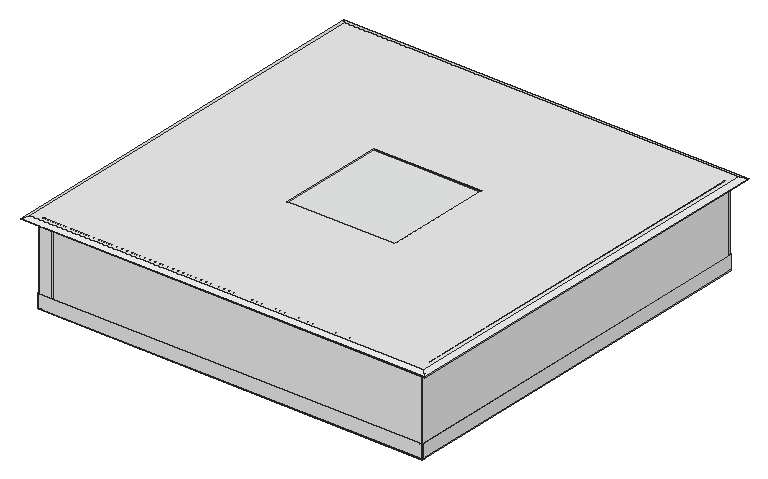
Revit family "Access_Door-Cabinet-Best Access Doors-Box-BA-VBW", category Specialty Equipment, host Face, Revit 2017
Family settings
  Host = Face
  Round Connector Dimension = Use Diameter
  Part Type = Normal
  OmniClass Number = 23.30.10.27.17
  Cut with Voids When Loaded = No
  Shared = No
  Room Calculation Point = No
Parameters (values of type "Custom")
  Window Width = 8"
  Window Height = 8"
  Product data url = "https://bimobject.com/best-access-doors/product/valve-box-with-window"
  Door Width = 30"
  URL = "http://www.bestaccessdoors.com"
  Product Page URL = ""
  Product Documentation Link = ""
  Model = "BA-VBW"  # constant formula
  Max Area = 900.00 in²  # constant formula
  Material = ""
  Manufacturer = "Best Access Doors"  # constant formula
  Door Height = 30"
  Glass = Glass - Best Access Doors - Plexiglass
  Frame Width = Width Calc - 7/8"  # 29 1/8"
  Frame Height = Height Calc - 7/8"  # 29 1/8"
  Frame Depth = if([4in Frame Depth], 4", 6")  # 6"
  Finish = Metal - Best Access Doors - Powder Coated White
  Width Calc = if(Door Width < 8 1/4", 8 1/4", if(Door Width > Max Area / Height Calc, Max Area / Height Calc, Door Width))  # 30"
  Door Swing [instance] = if(Door Open, 90.00°, 0.00°)  # 0.00°
  Door Open [instance] = no
  Height Calc = if(Door Height < 4", 4", Door Height)  # 30"
  Description = "Cabinets and Valve Boxes "  # constant formula
  Default Elevation = 0"
  Cut Out Length [instance] = 8"
  Construction Material = Metal - Best Access Doors - Aluminum
  C Cut Out Length [instance] = if(Cut Out Length < Frame Depth, Frame Depth, Cut Out Length)  # 8"
  Available Options = ""
  Assembly Code = "C1020700"
  Area = (Door Width * Door Height)  # 900.00 in²
  6in Frame Depth = yes
  4in Frame Depth = not([6in Frame Depth])  # no
Types (4): name | Window Width | Window Height | Door Width | Door Height | Frame Width | Frame Height | Width Calc | Height Calc | Cut Out Length | C Cut Out Length | Area
  Custom | 8" | 8" | 30" | 30" | 29 1/8" | 29 1/8" | 30" | 30" | 8" | 8" | 900.00 in²
  8 1/4 x 8 1/4 | 3" | 3" | 8 1/4" | 8 1/4" | 7 3/8" | 7 3/8" | 8 1/4" | 8 1/4" | 0" | 6" | 68.0625 in²
  12 x 12 | 5" | 5" | 12" | 12" | 11 1/8" | 11 1/8" | 12" | 12" | 0" | 6" | 144.00 in²
  16 x 16 | 8" | 8" | 16" | 16" | 15 1/8" | 15 1/8" | 16" | 16" | 6" | 6" | 256.00 in²
Reference planes (in)
  plane 1 "Center (Front/Back)": y = 0
  plane 2: z = 0
  plane 3 "Center (Left/Right)": x = 9
  plane 4 "Left": x = -6
  plane 5 "Right": x = 24
  plane 6 "Back": y = 15
  plane 7 "Front": y = -15
  plane 8 "Bottom": z = -8
  plane 9: x = -5.25751
  plane 10: y = -14.35271
  plane 11: y = 14.35271
  plane 12: x = 23.32082
  plane 13 "Top": z = 0.21736
  plane 14: z = -6
  plane 15: x = -5.5625
Forms (in)
  Extrusion 1, void
    sketch origin (0, 0, 0) x (1, 0, 0) y (0, 1, 0)
      loop
        line (-5.25751, 14.35271) -> (-5.25751, -14.35271) -> (23.32082, -14.35271) -> (23.32082, 14.35271) -> (-5.25751, 14.35271)
    from -8 to 0
Lines and regions (in)
  reference lines
    curve 1: line (-6, 0, 0) -> (3.25, 0, 0)
    curve 2: line (-6, 0, 0) -> (-6, 0, -2.25)
Dimensions and locks (in)
  "C Cut Out Length": plane 2 to plane 8 "Bottom"
  "Frame Depth": plane 2 to plane 14
  equal spacing: plane 4 "Left", plane 3 "Center (Left/Right)", plane 5 "Right"
  "Width Calc": plane 4 "Left" to plane 5 "Right"
  equal spacing: plane 6 "Back", plane 1 "Center (Front/Back)", plane 7 "Front"
  "Height Calc": plane 6 "Back" to plane 7 "Front"
  locked: plane 4 "Left" to plane 15 at 0.4375
  locked: plane 5 "Right" to plane 12 at 0.67918
  locked: plane 6 "Back" to plane 11 at 0.64729
  locked: plane 10 to plane 7 "Front" at 0.64729
  "Door Swing": angle plane 2 to curve 1
  locked: curve 2 to curve 1 (angle 90.00°)
  aligned and locked: plane 2 to host face
  aligned and locked: level to host face
  aligned and locked: level to Extrusion 1
  aligned and locked: plane 8 "Bottom" to Extrusion 1
  aligned and locked: Extrusion 1 sketch curve to plane 12
  aligned and locked: Extrusion 1 sketch curve to plane 11
  aligned and locked: plane 9 to Extrusion 1 sketch curve
  aligned and locked: Extrusion 1 sketch curve to plane 10
  aligned and locked: nested 2 to curve 1
  aligned and locked: plane 1 "Center (Front/Back)" to nested 2
  aligned and locked: nested 2 to curve 2
  aligned and locked: nested 1 to plane 15
  aligned and locked: plane 9 to nested 1
Automatic sketch dimensions
  host sketch curve to host sketch curve = 96"  (x2)
  curve 2 to plane 4 "Left" = 0"
  curve 2 to level = 0"
Nested families (in)
  nested 1: "1-Frame_Base" at (24.9375, 3.01001, 0), type "1-Frame_Base"
    with Frame Width 29 1/8", Frame Height 29 1/8", Frame Depth 6"
  nested 2: "1-Door_Base" at (6, 0, -0.00006), type "1-Door_Base"
Definition of nested family "1-Frame_Base"
  Parameters
    Frame Width = 15 1/8"
    Frame Height = 15 1/8"
    Frame Depth = 4"
    Finish = none
    Assembly Code = ""
  Reference planes (in)
    plane 1 "Center (Front/Back)": y = -3.01001
    plane 2 "Wall": z = 0
    plane 3 "Center (Left/Right)": x = -22.9375
    plane 4 "Left": x = -30.5
    plane 5 "Right": x = -15.375
    plane 6 "Top": y = 4.55249
    plane 7 "Bottom": y = -10.57251
    plane 8 "Front": z = 0.06201
    plane 9: z = -2.9387
    plane 10: z = -3.90669
    plane 11: z = -4
    plane 12: z = -3.93681
    plane 13: x = -30.10492
    plane 14: x = -30.19501
    plane 15: x = -30.133
    plane 16: z = -2.9387
    plane 17: z = -3.90669
    plane 18: z = -4
    plane 19: z = -3.93681
    plane 20: x = -15.70677
    plane 21: x = -15.61668
    plane 22: x = -15.67869
    plane 23: x = -30.10492
    plane 24: y = -10.27263
    plane 25: y = 4.2526
    plane 26: z = -2.9387
    plane 27: z = -3.90669
    plane 28: z = -4
    plane 29: z = -3.93681
    plane 30: y = 4.3427
    plane 31: y = 4.28069
    plane 32: z = -2.9387
    plane 33: z = -3.90669
    plane 34: z = -4
    plane 35: z = -3.93681
    plane 36: y = -10.36273
    plane 37: y = -10.30072
    plane 38: x = -15.70677
    plane 39: x = -16.69153
    plane 40: x = -15.8067
    plane 41: x = -15.742
    plane 42: x = -30.06784
    plane 43: y = -10.23379
    plane 44: y = -10.17159
    plane 45: y = 4.21603
    plane 46: y = 4.27757
    plane 47: x = -29.183
    plane 48: x = -30.06784
    plane 49: x = -30.133
    plane 50: x = -15.8067
    plane 51: y = -10.29895
    plane 52: y = -10.23379
    plane 53: y = 4.15449
    plane 54: y = 4.21603
    plane 55: z = -4
    plane 56: z = -3.93683
  Forms (in)
    Extrusion 1, solid, material <- "Finish"
      sketch origin (0, 0, 0) x (1, 0, 0) y (0, 1, 0)
        loop
          line (-30.5, 4.30249) -> (-30.5, -10.32251)
          arc (-30.5, -10.32251) -> (-30.42678, -10.49929) -> (-30.24999, -10.57251) r 0.25001
          line (-30.24999, -10.57251) -> (-15.625, -10.57251)
          arc (-15.625, -10.57251) -> (-15.44822, -10.49929) -> (-15.375, -10.32251) r 0.25
          line (-15.375, -10.32251) -> (-15.375, 4.30249)
          arc (-15.375, 4.30249) -> (-15.44822, 4.47926) -> (-15.625, 4.55249) r 0.25
          line (-15.625, 4.55249) -> (-30.25, 4.55249)
          arc (-30.25, 4.55249) -> (-30.42678, 4.47926) -> (-30.5, 4.30249) r 0.25
        loop
          line (-30.0122, 4.06164) -> (-30.0122, -10.08167) -> (-15.8628, -10.08167) -> (-15.8628, 4.06164) -> (-30.0122, 4.06164)
      from 0 to 0.06201
    Sweep 2, solid, material <- "Finish"
      path in 3D
        loop
          line (-30.0122, 4.06164, 0.06201) -> (-15.8628, 4.06164, 0.06201) -> (-15.8628, -10.08167, 0.06201) -> (-30.0122, -10.08167, 0.06201) -> (-30.0122, 4.06164, 0.06201)
      profile origin (-30.0122, -3.01001, 0.06201) x (-1, 0, 0) y (0, 0, 1)
        loop
          arc (0, 0) -> (-0.06258, -0.02874) -> (-0.09118, -0.09138) r 0.09878
          line (-0.09118, -0.09138) -> (-0.09118, -1.522) -> (-0.02721, -1.522) -> (-0.02721, -0.08861)
          arc (-0.02721, -0.08861) -> (-0.0192, -0.06958) -> (0, -0.06201) r 0.0266
          line (0, -0.06201) -> (0, 0)
    Extrusion 3, solid, material <- "Finish"
      sketch origin (0, -3.01001, 0) x (1, 0, 0) y (0, 0, 1)
        loop
          arc (-30.19501, -3.90669) -> (-30.16881, -3.97154) -> (-30.10492, -4) r 0.09337
          line (-30.10492, -4) -> (-30.10492, -3.93681)
          arc (-30.10492, -3.93681) -> (-30.12489, -3.92728) -> (-30.133, -3.90669) r 0.03019
          line (-30.133, -3.90669) -> (-30.133, -2.9387) -> (-30.19501, -2.9387) -> (-30.19501, -3.90669)
      from -7.26262 to 7.26262
    Extrusion 4, solid, material <- "Finish"
      sketch origin (-48.14013, -3.01001, 0) x (-1, 0, 0) y (0, 0, -1)
        loop
          line (-32.52345, 3.90669) -> (-32.52345, 2.9387) -> (-32.46145, 2.9387) -> (-32.46145, 3.90669)
          arc (-32.46145, 3.90669) -> (-32.45333, 3.92728) -> (-32.43336, 3.93681) r 0.03019
          line (-32.43336, 3.93681) -> (-32.43336, 4)
          arc (-32.43336, 4) -> (-32.49725, 3.97154) -> (-32.52345, 3.90669) r 0.09337
      from -7.26262 to 7.26262
    Extrusion 5, solid, material <- "Finish"
      sketch origin (0, 0, 0) x (1, 0, 0) y (0, 1, 0)
        loop
          line (-30.10492, 4.2526) -> (-30.10492, -10.27263) -> (-15.70677, -10.27263) -> (-15.70677, 4.2526) -> (-30.10492, 4.2526)
      from -4 to -3.93683
    Extrusion 6, solid, material <- "Finish"
      sketch origin (-65.52893, -27.01654, 0) x (0, -1, 0) y (0, 0, 1)
        loop
          arc (-31.35923, -3.90669) -> (-31.33304, -3.97154) -> (-31.26914, -4) r 0.09337
          line (-31.26914, -4) -> (-31.26914, -3.93681)
          arc (-31.26914, -3.93681) -> (-31.28912, -3.92728) -> (-31.29723, -3.90669) r 0.03019
          line (-31.29723, -3.90669) -> (-31.29723, -2.9387) -> (-31.35923, -2.9387) -> (-31.35923, -3.90669)
      from -49.82216 to -35.42401
    Extrusion 7, solid, material <- "Finish"
      sketch origin (-65.52893, 20.99651, 0) x (0, 1, 0) y (0, 0, -1)
        loop
          line (-31.35923, 3.90669) -> (-31.35923, 2.9387) -> (-31.29723, 2.9387) -> (-31.29723, 3.90669)
          arc (-31.29723, 3.90669) -> (-31.28912, 3.92728) -> (-31.26914, 3.93681) r 0.03019
          line (-31.26914, 3.93681) -> (-31.26914, 4)
          arc (-31.26914, 4) -> (-31.33304, 3.97154) -> (-31.35923, 3.90669) r 0.09337
      from -49.82216 to -35.42401
    Extrusion 8, solid, material <- "Finish"
      sketch origin (0, 0, 0) x (1, 0, 0) y (0, 1, 0)
        loop
          line (-30.06784, 4.15449) -> (-15.8067, 4.15449) -> (-15.8067, 4.21603) -> (-30.06784, 4.21603)
          arc (-30.06784, 4.21603) -> (-30.11265, 4.19821) -> (-30.133, 4.15449) r 0.06527
          line (-30.133, 4.15449) -> (-30.133, -10.23379)
          arc (-30.133, -10.23379) -> (-30.11392, -10.27987) -> (-30.06784, -10.29895) r 0.06516
          line (-30.06784, -10.29895) -> (-29.183, -10.29895) -> (-29.183, -10.23379) -> (-30.06784, -10.23379) -> (-30.06784, 4.15449)
      from -3.93683 to 0
    Extrusion 9, solid, material <- "Finish"
      sketch origin (-48.20344, 0, 0) x (-1, 0, 0) y (0, -1, 0)
        loop
          line (-32.39675, -4.21603) -> (-32.39675, 10.17159) -> (-18.1356, 10.17159) -> (-18.1356, 10.23379) -> (-32.39675, 10.23379)
          arc (-32.39675, 10.23379) -> (-32.44234, 10.21646) -> (-32.46145, 10.17159) r 0.06225
          line (-32.46145, 10.17159) -> (-32.46145, -4.21603)
          arc (-32.46145, -4.21603) -> (-32.4423, -4.26067) -> (-32.39675, -4.27757) r 0.06162
          line (-32.39675, -4.27757) -> (-31.51191, -4.27757) -> (-31.51191, -4.21603) -> (-32.39675, -4.21603)
      from -3.93683 to 0
  Lines and regions (in)
    Masking region 1, detail levels coarse
      outline origin (0, 0, 0) x (1, 0, 0) y (0, 1, 0)
        loop
          line (-30.5, 4.55249) -> (-30.5, -10.57251) -> (-15.375, -10.57251) -> (-15.375, 4.55249) -> (-30.5, 4.55249)
    Masking region 2, detail levels medium+fine
      outline origin (0, 0, 0) x (1, 0, 0) y (0, 1, 0)
        loop
          arc (-30.25, 4.55249) -> (-30.42678, 4.47926) -> (-30.5, 4.30249) r 0.25
          line (-30.5, 4.30249) -> (-30.5, -10.32251)
          arc (-30.5, -10.32251) -> (-30.42678, -10.49929) -> (-30.24999, -10.57251) r 0.25001
          line (-30.24999, -10.57251) -> (-15.625, -10.57251)
          arc (-15.625, -10.57251) -> (-15.44822, -10.49929) -> (-15.375, -10.32251) r 0.25
          line (-15.375, -10.32251) -> (-15.375, 4.30249)
          arc (-15.375, 4.30249) -> (-15.44822, 4.47926) -> (-15.625, 4.55249) r 0.25
          line (-15.625, 4.55249) -> (-30.25, 4.55249)
    Masking region 3, detail levels coarse
      outline origin (0, -3.01001, 0) x (1, 0, 0) y (0, 0, 1)
        loop
          line (-30.5, 0.06201) -> (-30.5, -4) -> (-15.375, -4) -> (-15.375, 0.06201) -> (-30.5, 0.06201)
    Masking region 4
      outline origin (0, -3.01001, 0) x (1, 0, 0) y (0, 0, 1)
        loop
          line (-30.5, 0) -> (-30.133, 0) -> (-30.133, -2.9387) -> (-30.19501, -2.9387) -> (-30.19501, -3.90669)
          arc (-30.19501, -3.90669) -> (-30.16881, -3.97154) -> (-30.10492, -4) r 0.09337
          line (-30.10492, -4) -> (-15.70677, -4)
          arc (-15.70677, -4) -> (-15.64288, -3.97154) -> (-15.61668, -3.90669) r 0.09337
          line (-15.61668, -3.90669) -> (-15.61668, -2.9387) -> (-15.67869, -2.9387) -> (-15.67869, -3.90669)
          arc (-15.67869, -3.90669) -> (-15.6868, -3.92728) -> (-15.70677, -3.93681) r 0.03019
          line (-15.70677, -3.93681) -> (-15.70677, -2.9387) -> (-15.742, -2.9387) -> (-15.742, 0) -> (-15.375, 0) -> (-15.375, 0.06201) -> (-30.5, 0.06201) -> (-30.5, 0)
    Masking region 5, detail levels coarse
      outline origin (-22.9375, 0, 0) x (0, 1, 0) y (0, 0, 1)
        loop
          line (4.55249, 0.06201) -> (-10.57251, 0.06201) -> (-10.57251, -6.06131) -> (4.55249, -6.06131) -> (4.55249, 0.06201)
    Masking region 6, detail levels medium+fine
      outline origin (-22.9375, 0, 0) x (0, 1, 0) y (0, 0, 1)
        loop
          line (4.55249, 0.06201) -> (-10.57251, 0.06201) -> (-10.57251, 0) -> (-10.29895, 0) -> (-10.29895, -2.9387) -> (-10.36273, -2.9387) -> (-10.36273, -3.90669)
          arc (-10.36273, -3.90669) -> (-10.33653, -3.97154) -> (-10.27263, -4) r 0.09337
          line (-10.27263, -4) -> (4.2526, -4)
          arc (4.2526, -4) -> (4.3165, -3.97154) -> (4.3427, -3.90669) r 0.09337
          line (4.3427, -3.90669) -> (4.3427, -2.9387) -> (4.27757, -2.9387) -> (4.27757, 0) -> (4.55249, 0) -> (4.55249, 0.06201)
    sketch lines
      curve 1: line (-30.0122, -10.08167, 0.06201) -> (-30.0122, 4.06164, 0.06201)
      curve 2: line (-30.0122, 4.06164, 0.06201) -> (-15.8628, 4.06164, 0.06201)
      curve 3: line (-15.8628, 4.06164, 0.06201) -> (-15.8628, -10.08167, 0.06201)
      curve 4: line (-15.8628, -10.08167, 0.06201) -> (-30.0122, -10.08167, 0.06201)
    symbolic lines, detail levels medium+fine
      curve 5: line (-29.92102, -9.99049, 0) -> (-29.92102, 3.97047, 0)
      curve 6: line (-29.92102, 3.97047, 0) -> (-15.95398, 3.97047, 0)
      curve 7: line (-15.95398, 3.97047, 0) -> (-15.95398, -9.99049, 0)
      curve 8: line (-15.95398, -9.99049, 0) -> (-29.92102, -9.99049, 0)
    symbolic lines, detail levels fine
      curve 9: line (-15.8628, 4.06164, 0) -> (-30.0122, 4.06164, 0)
      curve 10: line (-30.0122, 4.06164, 0) -> (-30.0122, -10.08168, 0)
      curve 11: line (-30.0122, -10.08167, 0) -> (-15.8628, -10.08167, 0)
      curve 12: line (-15.8628, -10.08167, 0) -> (-15.8628, 4.06164, 0)
      curve 13: line (-30.0122, 4.06164, 0) -> (-29.92102, 3.97047, 0)
      curve 14: line (-15.95398, 3.97047, 0) -> (-15.8628, 4.06164, 0)
      curve 15: line (-15.95398, -9.99049, 0) -> (-15.8628, -10.08167, 0)
      curve 16: line (-29.92102, -9.99049, 0) -> (-30.0122, -10.08167, 0)
      curve 17: line (-30.133, -3.01001, -3.90669) -> (-30.133, -3.01001, -2.9387)
      curve 18: arc (-30.10456, -3.01001, -3.93683) -> (-30.12477, -3.01001, -3.92741) -> (-30.133, -3.01001, -3.90669) r 0.03019
      curve 19: line (-30.10456, -3.01001, -3.93683) -> (-15.70677, -3.01001, -3.93683)
      curve 20: line (-30.06784, -3.01001, 0) -> (-30.06784, -3.01001, -2.9387)
      curve 21: line (-30.10492, -3.01001, -2.9387) -> (-30.10492, -3.01001, -4)
      curve 22: line (-15.70677, -3.01001, -2.9387) -> (-30.10492, -3.01001, -2.9387)
      curve 23: line (-15.8067, -3.01001, 0) -> (-15.8067, -3.01001, -2.9387)
      curve 24: line (-15.70677, -3.01001, -3.93683) -> (-15.70677, -3.01001, -4)
      curve 25: line (-30.5, -3.01001, 0) -> (-15.375, -3.01001, 0)
      curve 26: line (-29.183, -3.01001, -2.9387) -> (-29.183, -3.01001, 0)
      curve 27: line (-22.9375, 4.2526, -5.00001) -> (-22.9375, -10.27263, -5.00001)
      curve 28: line (-22.9375, 4.2526, -6.06131) -> (-22.9375, 4.2526, -5.00001)
      curve 29: line (-22.9375, 4.15449, 0) -> (-22.9375, 4.15449, -5.00001)
      curve 30: line (-22.9375, 4.21603, 0) -> (-22.9375, 4.21603, -5.00001)
      curve 31: line (-22.9375, 4.28069, -5.00001) -> (-22.9375, 4.28069, -5.968)
      curve 32: arc (-22.9375, 4.2526, -5.99812) -> (-22.9375, 4.27258, -5.98859) -> (-22.9375, 4.28069, -5.968) r 0.03019
      curve 33: line (-22.9375, -10.57251, 0) -> (-22.9375, 4.55249, 0)
      curve 34: arc (-22.9375, -10.30072, -3.90669) -> (-22.9375, -10.29261, -3.92728) -> (-22.9375, -10.27263, -3.93681) r 0.03019
      curve 35: line (-22.9375, -10.30072, -3.90669) -> (-22.9375, -10.30072, -5.00001)
      curve 36: line (-22.9375, -10.27263, -5.00001) -> (-22.9375, -10.27263, -4)
  Dimensions and locks (in)
    equal spacing: plane 6 "Top", plane 1 "Center (Front/Back)", plane 7 "Bottom"
    equal spacing: plane 4 "Left", plane 3 "Center (Left/Right)", plane 5 "Right"
    "Frame Width": plane 4 "Left" to plane 5 "Right"
    "Frame Height": plane 6 "Top" to plane 7 "Bottom"
    plane 4 "Left" to plane 14 to plane 15 to plane 13 = 0.30499" locked, 0.06201" locked, 0.02809" locked
    plane 9 to plane 10 to plane 12 to plane 11 to plane 55 = 0.96799" locked, 0.03012" locked, 0.06319" locked, 0" locked
    plane 5 "Right" to plane 21 to plane 22 to plane 20 = 0.24168" locked, 0.06201" locked, 0.02809" locked
    plane 16 to plane 17 to plane 19 to plane 18 to plane 55 = 0.96799" locked, 0.03012" locked, 0.06319" locked, 0" locked
    locked: plane 4 "Left" to plane 23 at 0.39508
    locked: plane 38 to plane 5 "Right" at 0.33177
    locked: plane 7 "Bottom" to plane 24 at 0.29988
    locked: plane 25 to plane 6 "Top" at 0.29988
    plane 44 to plane 43 to plane 7 "Bottom" = 0.0622" locked, 0.33872" locked
    locked: plane 4 "Left" to plane 42 at 0.43216
    plane 39 to plane 40 to plane 41 to plane 5 "Right" = 0.88484" locked, 0.0647" locked, 0.367" locked
    plane 45 to plane 46 to plane 6 "Top" = 0.06154" locked, 0.27492" locked
    locked: plane 50 to plane 5 "Right" at 0.4317
    plane 4 "Left" to plane 49 to plane 48 to plane 47 = 0.367" locked, 0.06516" locked, 0.88484" locked
    plane 53 to plane 54 to plane 6 "Top" = 0.06154" locked, 0.33646" locked
    plane 7 "Bottom" to plane 51 to plane 52 = 0.27356" locked, 0.06516" locked
    plane 24 to plane 37 to plane 36 = 0.02809" locked, 0.06201" locked
    plane 34 to plane 55 to plane 35 to plane 33 to plane 32 = 0" locked, 0.06319" locked, 0.03012" locked, 0.96799" locked
    plane 30 to plane 31 to plane 25 = 0.06201" locked, 0.02809" locked
    plane 28 to plane 55 to plane 29 to plane 27 to plane 26 = 0" locked, 0.06319" locked, 0.03012" locked, 0.96799" locked
    "Frame Depth": level to plane 55
    locked: plane 56 to plane 55 at 0.06317
    Masking region 4 sketch curve to Masking region 4 sketch curve to Masking region 4 sketch curve to plane 55 = 0" locked, 0" locked, 1.0613" locked
    curve 22 to curve 17 to curve 18 to curve 19 to plane 55 = 0" locked, 0.96799" locked, 0.03014" locked, 0.06317" locked
    aligned and locked: level to plane 2 "Wall"
    aligned and locked: plane 14 to Extrusion 3 sketch curve
    aligned and locked: Extrusion 3 sketch curve to plane 15
    aligned and locked: plane 10 to Extrusion 3 sketch curve  (x2)
    aligned and locked: plane 12 to Extrusion 3 sketch curve
    aligned and locked: Extrusion 3 sketch curve to plane 13  (x2)
    aligned and locked: plane 11 to Extrusion 3 sketch curve
    aligned and locked: plane 21 to Extrusion 4 sketch curve
    aligned and locked: Extrusion 4 sketch curve to plane 16
    aligned and locked: Extrusion 4 sketch curve to plane 22
    aligned and locked: Extrusion 4 sketch curve to plane 17  (x2)
    aligned and locked: Extrusion 4 sketch curve to plane 19
    aligned and locked: Extrusion 4 sketch curve to plane 20  (x2)
    aligned and locked: Extrusion 4 sketch curve to plane 18
    aligned and locked: Extrusion 5 sketch curve to Extrusion 4
    aligned and locked: plane 30 to Extrusion 6 sketch curve
    aligned and locked: Extrusion 6 sketch curve to plane 26
    aligned and locked: Extrusion 6 sketch curve to plane 31
    aligned and locked: Extrusion 6 sketch curve to plane 27  (x2)
    aligned and locked: Extrusion 6 sketch curve to plane 29
    aligned and locked: Extrusion 6 sketch curve to plane 28
    aligned and locked: Extrusion 7 sketch curve to plane 36
    aligned and locked: Extrusion 7 sketch curve to plane 32
    aligned and locked: plane 37 to Extrusion 7 sketch curve
    aligned and locked: Extrusion 7 sketch curve to plane 33  (x2)
    aligned and locked: Extrusion 7 sketch curve to plane 35
    aligned and locked: Extrusion 7 sketch curve to plane 34
    aligned and locked: plane 24 to Extrusion 7
    aligned and locked: plane 38 to Extrusion 7
    aligned and locked: plane 24 to Extrusion 5
    aligned and locked: plane 38 to Extrusion 5
    aligned and locked: Extrusion 4 to plane 25
    aligned and locked: plane 38 to Extrusion 6
    aligned and locked: Extrusion 6 to plane 23
    aligned and locked: level to Extrusion 8
    aligned and locked: plane 40 to Extrusion 9 sketch curve  (x3)
    aligned and locked: plane 42 to Extrusion 9 sketch curve
    aligned and locked: plane 39 to Extrusion 9 sketch curve
    aligned and locked: Extrusion 9 sketch curve to plane 46
    aligned and locked: Extrusion 9 sketch curve to plane 41
    aligned and locked: plane 41 to Extrusion 9 sketch curve
    aligned and locked: plane 45 to Extrusion 9 sketch curve
    aligned and locked: plane 44 to Extrusion 9 sketch curve
    aligned and locked: plane 43 to Extrusion 9 sketch curve  (x2)
    aligned and locked: Extrusion 9 sketch curve to plane 44
    aligned and locked: plane 48 to Extrusion 8 sketch curve  (x3)
    aligned and locked: Extrusion 8 sketch curve to plane 51
    aligned and locked: Extrusion 8 sketch curve to plane 49
    aligned and locked: plane 52 to Extrusion 8 sketch curve  (x2)
    aligned and locked: plane 47 to Extrusion 8 sketch curve
    aligned and locked: plane 49 to Extrusion 8 sketch curve
    aligned and locked: plane 53 to Extrusion 8 sketch curve
    aligned and locked: Extrusion 8 sketch curve to plane 53
    aligned and locked: plane 54 to Extrusion 8 sketch curve
    aligned and locked: plane 50 to Extrusion 8 sketch curve
    aligned and locked: plane 23 to Extrusion 7
    aligned and locked: plane 24 to Extrusion 4
    aligned and locked: Extrusion 7 sketch curve to plane 24
    aligned and locked: Extrusion 6 sketch curve to plane 25
    aligned and locked: Masking region 1 sketch curve to plane 6 "Top"
    aligned and locked: plane 5 "Right" to Masking region 1 sketch curve
    aligned and locked: plane 7 "Bottom" to Masking region 1 sketch curve
    aligned and locked: plane 4 "Left" to Masking region 1 sketch curve
    aligned and locked: Masking region 2 sketch curve to Extrusion 1  (x4)
    aligned and locked: curve 5 to Sweep 2
    aligned and locked: curve 6 to Sweep 2
    aligned and locked: curve 7 to Sweep 2
    aligned and locked: curve 8 to Sweep 2
    aligned and locked: curve 9 to Sweep 2
    aligned and locked: curve 10 to Sweep 2
    aligned and locked: curve 11 to Sweep 2
    aligned and locked: curve 12 to Sweep 2
    aligned and locked: Masking region 3 sketch curve to Extrusion 1  (x2)
    aligned and locked: plane 5 "Right" to Masking region 3 sketch curve
    aligned and locked: Masking region 4 sketch curve to Extrusion 1  (x2)
    aligned and locked: Masking region 4 sketch curve to plane 4 "Left"
    aligned and locked: Masking region 4 sketch curve to plane 5 "Right"
    aligned and locked: Masking region 4 sketch curve to Extrusion 4  (x3)
    aligned and locked: Masking region 4 sketch curve to Extrusion 5
    aligned and locked: Masking region 4 sketch curve to Extrusion 8
    aligned and locked: Masking region 4 sketch curve to Extrusion 9
    aligned and locked: Extrusion 8 to curve 19
    aligned and locked: curve 20 to Extrusion 9
    aligned and locked: curve 21 to Extrusion 7
    aligned and locked: curve 22 to Extrusion 7
    aligned and locked: curve 23 to Extrusion 9
    aligned and locked: curve 25 to Extrusion 1
    aligned and locked: Extrusion 8 to curve 26
    aligned and locked: Masking region 5 sketch curve to Extrusion 1  (x2)
    aligned and locked: Masking region 5 sketch curve to plane 7 "Bottom"
    aligned and locked: Masking region 6 sketch curve to Extrusion 1  (x2)
    aligned and locked: plane 6 "Top" to Masking region 6 sketch curve
    aligned and locked: Extrusion 9 to Masking region 6 sketch curve
    aligned and locked: Masking region 6 sketch curve to Extrusion 6  (x2)
    aligned and locked: Masking region 6 sketch curve to Extrusion 5
    aligned and locked: Masking region 6 sketch curve to Extrusion 7  (x3)
    aligned and locked: Masking region 6 sketch curve to Extrusion 8
    aligned and locked: plane 7 "Bottom" to Masking region 6 sketch curve
    aligned and locked: curve 29 to Extrusion 8
    aligned and locked: curve 30 to Extrusion 9
    aligned and locked: Extrusion 6 to curve 31
    aligned and locked: curve 33 to Extrusion 1
    aligned and locked: curve 34 to Extrusion 7
    aligned and locked: plane 55 to Masking region 3
    aligned and locked: plane 55 to Extrusion 5
    aligned and locked: Extrusion 5 to plane 56
    aligned and locked: plane 56 to Extrusion 9
    aligned and locked: plane 55 to curve 24
    aligned and locked: Extrusion 3 to plane 25
    aligned and locked: plane 24 to Extrusion 3
  Automatic sketch dimensions
    Extrusion 1 sketch curve to plane 4 "Left" = 0"
    Extrusion 1 sketch curve to plane 5 "Right" = 0"
    Extrusion 1 sketch curve to plane 6 "Top" = 0"
    plane 23 to Extrusion 1 sketch curve = 0.14508"  (x2)
    plane 7 "Bottom" to Extrusion 1 sketch curve = 0"
    Extrusion 1 sketch curve to plane 23 = 0.09272"
    Extrusion 1 sketch curve to plane 38 = 0.15603"
    plane 38 to Extrusion 1 sketch curve = 0.08177"  (x2)
    Extrusion 1 sketch curve to plane 24 = 0.19096"
    plane 25 to Extrusion 1 sketch curve = 0.19096"
    Sweep 2 sketch curve to profile plane = 0"  (x2)
    profile plane to Sweep 2 sketch curve = 0.00061"
    Sweep 2 sketch curve to Sweep 2 sketch curve = 0.0266"
    Sweep 2 sketch curve to Sweep 2 sketch curve = 0.06397"
    Sweep 2 sketch curve to profile plane = 0.00735"
    Sweep 2 sketch curve to Sweep 2 sketch curve = 0.06201"
    Sweep 2 sketch curve to Sweep 2 sketch curve = 0.00277"
    Sweep 2 sketch curve to Sweep 2 sketch curve = 1.42349"
    plane 24 to Extrusion 5 sketch curve = 0"
    plane 25 to Extrusion 5 sketch curve = 0"
    plane 45 to Extrusion 9 sketch curve = 0"
    curve 10 to curve 11 = 0"
    Masking region 4 sketch curve to plane 38 = 0.03523"
    Masking region 4 sketch curve to plane 38 = 0"
    curve 25 to level = 0"
    curve 25 to plane 4 "Left" = 0"
    plane 23 to curve 22 = 0"
    curve 22 to plane 38 = 0"
    curve 24 to plane 38 = 0"
    plane 5 "Right" to curve 25 = 0"
    curve 19 to plane 23 = 0.00036"
    curve 18 to plane 23 = 0.00211"
    curve 20 to plane 23 = 0.03708"
    curve 20 to curve 26 = 0.88484"
    curve 23 to plane 38 = 0.09992"
    Masking region 6 sketch curve to level = 0"
    curve 29 to level = 0"
    curve 28 to plane 25 = 0"
    plane 25 to curve 29 = 0.09812"
    plane 25 to curve 30 = 0.03658"
    plane 25 to curve 32 = 0.00211"
    curve 27 to curve 31 = 0.02809"
    curve 27 to curve 31 = 0"
    plane 7 "Bottom" to curve 33 = 0"
    curve 33 to plane 6 "Top" = 0"
    curve 34 to plane 24 = 0"
    curve 35 to curve 27 = 0"
    curve 31 to level = 5.968"
    curve 32 to curve 28 = 0.96799"
    curve 36 to curve 34 = 0.06319"
    curve 28 to curve 32 = 0.06319"
    curve 21 to curve 18 = 0.06317"
    Masking region 3 sketch curve to level = 4"
    Masking region 5 sketch curve to level = 6.06131"
    plane 23 to Extrusion 5 sketch curve = 0"
    plane 23 to Masking region 4 sketch curve = 0.09009"
    Masking region 4 sketch curve to plane 56 = 0.03014"
    plane 23 to Masking region 4 sketch curve = 0"
    Extrusion 3 sketch curve to plane 9 = 0"
Definition of nested family "1-Door_Base"
  Parameters
    Window Width = 8"
    Window Height = 8"
    Lock Offset 2 = if(Door Height < 16", 5 1/8", if(and((Door Height > 23 253/256"), (Door Height < 36")), 6 1/2", if(Door Height > 35 253/256", 8 9/16", 5 1/8")))  # 6 1/2"
    Lock Offset 1 = 1.781"
    Lock 4 Vis = not(Door Height < 30")  # yes
    Lock 3 Vis = Door Width > 16"  # yes
    Lock 2 Vis = Door Height > 23 253/256"  # yes
    Lock 1 Vis = Door Height < 24"  # no
    Glass = none
    Finish = none
    Door Width = 30"
    Door Height = 30"
    Door Depth [instance] = 1.03057"
    Default Elevation = 48"
    Assembly Code = ""
  Reference planes (in)
    plane 1 "Center (Front/Back)": y = 0
    plane 2 "Wall": z = 0
    plane 3 "Center (Left/Right)": x = 3
    plane 4 "Left": x = -12
    plane 5 "Right": x = 18
    plane 6 "Top": y = 15
    plane 7 "Bottom": y = -15
    plane 8: x = 16.219
    plane 9 "Front": z = 0.21742
    plane 10: y = 4
    plane 11: y = -4
    plane 12: x = -1
    plane 13: x = 7
    plane 14: x = -10.219
    plane 15: y = -8.5
    plane 16: y = 8.5
    plane 17: y = 12.969
    plane 18: y = -12.969
  Forms (in)
    Sweep 1, solid, material <- "Finish"
      path origin (0, 0, 0) x (1, 0, 0) y (0, 1, 0)
        loop
          line (-12, -15) -> (18, -15) -> (18, 15) -> (-12, 15) -> (-12, -15)
      profile origin (-12, 0, 0) x (-1, 0, 0) y (0, 0, 1)
        loop
          line (-0.02377, 0.00006) -> (0, 0.0573) -> (-0.3986, 0.21742) -> (-0.3986, 0.15568) -> (-0.02377, 0.00006)
    Extrusion 2, solid, material <- "Finish"
      sketch origin (0, 0, 0) x (1, 0, 0) y (0, 1, 0)
        loop
          line (-11.6014, 14.6014) -> (-11.6014, -14.6014) -> (17.6014, -14.6014) -> (17.6014, 14.6014) -> (-11.6014, 14.6014)
      from 0.15568 to 0.21742
    Extrusion 3, void
      sketch origin (0, 0, 0) x (1, 0, 0) y (0, 1, 0)
        loop
          line (-1, 4) -> (-1, -4) -> (7, -4) -> (7, 4) -> (-1, 4)
      from 0 to 0.21742
    Extrusion 4, solid, material <- "Glass"
      sketch origin (0, 0, 0) x (1, 0, 0) y (0, 1, 0)
        loop
          line (-1, 4) -> (-1, -4) -> (7, -4) -> (7, 4) -> (-1, 4)
      from 0.1085 to 0.15568
  Cuts and joins
    Extrusion 3 cuts Extrusion 2
    joined: Sweep 1, Extrusion 2
  Lines and regions (in)
    Masking region 1
      outline origin (0, 0, 0) x (1, 0, 0) y (0, 1, 0)
        loop
          line (-12, -15) -> (18, -15) -> (18, 15) -> (-12, 15) -> (-12, -15)
    Masking region 2, detail levels coarse
      outline origin (0, 0, 0) x (1, 0, 0) y (0, 0, 1)
        loop
          line (-12, 0.21742) -> (-12, 0) -> (18, 0) -> (18, 0.21742) -> (-12, 0.21742)
    Masking region 3, detail levels coarse
      outline origin (3, 0, 0) x (0, 1, 0) y (0, 0, 1)
        loop
          line (15, 0.21742) -> (-15, 0.21742) -> (-15, 0) -> (15, 0) -> (15, 0.21742)
    symbolic lines, detail levels medium+fine
      curve 1: line (-11.6014, 14.6014, 0) -> (17.6014, 14.6014, 0)
      curve 2: line (17.6014, 14.6014, 0) -> (17.6014, -14.6014, 0)
      curve 3: line (17.6014, -14.6014, 0) -> (-11.6014, -14.6014, 0)
      curve 4: line (-11.6014, -14.6014, 0) -> (-11.6014, 14.6014, 0)
      curve 9: line (-12, 0, 0.0573) -> (-11.97623, 0, 0.00006)
      curve 10: line (-11.6014, 0, 0.21742) -> (-12, 0, 0.0573)
      curve 11: line (17.6014, 0, 0.21742) -> (-11.6014, 0, 0.21742)
      curve 12: line (18, 0, 0.0573) -> (17.6014, 0, 0.21742)
      curve 13: line (17.97623, 0, 0.00006) -> (18, 0, 0.0573)
      curve 14: line (-11.97623, 0, 0.00006) -> (17.97623, 0, 0.00006)
      curve 15: line (3, 14.97623, 0.00006) -> (3, 15, 0.0573)
      curve 16: line (3, 15, 0.0573) -> (3, 14.6014, 0.21742)
      curve 17: line (3, 14.6014, 0.21742) -> (3, -14.6014, 0.21742)
      curve 18: line (3, -14.6014, 0.21742) -> (3, -15, 0.0573)
      curve 19: line (3, -15, 0.0573) -> (3, -14.97623, 0.00006)
      curve 20: line (3, 14.97623, 0.00006) -> (3, -14.97623, 0.00006)
    symbolic lines, detail levels fine
      curve 5: line (-12, 15, 0) -> (-11.6014, 14.6014, 0)
      curve 6: line (17.6014, 14.6014, 0) -> (18, 15, 0)
      curve 7: line (17.6014, -14.6014, 0) -> (18, -15, 0)
      curve 8: line (-11.6014, -14.6014, 0) -> (-12, -15, 0)
      curve 21: line (3, -15, 0.0573) -> (3, 15, 0.0573)
      curve 22: line (18, 0, 0.0573) -> (-12, 0, 0.0573)
      curve 23: line (7, 4, 0) -> (-1, 4, 0)
      curve 24: line (7, -4, 0) -> (7, 4, 0)
      curve 25: line (-1, -4, 0) -> (7, -4, 0)
      curve 26: line (-1, 4, 0) -> (-1, -4, 0)
  Dimensions and locks (in)
    equal spacing: plane 4 "Left", plane 3 "Center (Left/Right)", plane 5 "Right"
    equal spacing: plane 6 "Top", plane 1 "Center (Front/Back)", plane 7 "Bottom"
    "Door Height": plane 6 "Top" to plane 7 "Bottom"
    "Door Width": plane 4 "Left" to plane 5 "Right"
    equal spacing: plane 12, plane 3 "Center (Left/Right)", plane 13
    equal spacing: plane 10, plane 1 "Center (Front/Back)", plane 11
    "Window Height": plane 10 to plane 11
    "Window Width": plane 12 to plane 13
    "Lock Offset 1": plane 8 to plane 5 "Right"
    "Lock Offset 1": plane 4 "Left" to plane 14
    "Lock Offset 2": plane 16 to plane 6 "Top"
    "Lock Offset 2": plane 15 to plane 7 "Bottom"
    locked: plane 17 to plane 6 "Top" at 2.031
    locked: plane 18 to plane 7 "Bottom" at 2.031
    aligned and locked: level to plane 2 "Wall"
    aligned and locked: plane 8 to nested 1
    aligned and locked: Sweep 1 sketch curve to plane 6 "Top"
    aligned and locked: plane 5 "Right" to Sweep 1 sketch curve
    aligned and locked: plane 7 "Bottom" to Sweep 1 sketch curve
    aligned and locked: plane 4 "Left" to Sweep 1 sketch curve
    aligned and locked: Extrusion 2 sketch curve to Sweep 1  (x4)
    aligned and locked: Extrusion 2 to Sweep 1
    aligned and locked: plane 9 "Front" to Extrusion 2
    aligned and locked: plane 6 "Top" to Masking region 1 sketch curve
    aligned and locked: Masking region 1 sketch curve to plane 5 "Right"
    aligned and locked: Masking region 1 sketch curve to plane 7 "Bottom"
    aligned and locked: Masking region 1 sketch curve to plane 4 "Left"
    aligned and locked: curve 5 to cut or joined group of Sweep 1, Extrusion 2, Extrusion 3
    aligned and locked: curve 6 to cut or joined group of Sweep 1, Extrusion 2, Extrusion 3
    aligned and locked: curve 7 to cut or joined group of Sweep 1, Extrusion 2, Extrusion 3
    aligned and locked: curve 8 to cut or joined group of Sweep 1, Extrusion 2, Extrusion 3
    aligned and locked: Masking region 2 sketch curve to plane 9 "Front"
    aligned and locked: plane 2 "Wall" to Masking region 2 sketch curve
    aligned and locked: plane 5 "Right" to Masking region 2 sketch curve
    aligned and locked: plane 4 "Left" to Masking region 2 sketch curve
    aligned and locked: curve 9 to cut or joined group of Sweep 1, Extrusion 2, Extrusion 3
    aligned and locked: curve 10 to cut or joined group of Sweep 1, Extrusion 2, Extrusion 3
    aligned and locked: curve 11 to cut or joined group of Sweep 1, Extrusion 2, Extrusion 3
    aligned and locked: curve 12 to cut or joined group of Sweep 1, Extrusion 2, Extrusion 3
    aligned and locked: curve 13 to cut or joined group of Sweep 1, Extrusion 2, Extrusion 3
    aligned and locked: curve 14 to cut or joined group of Sweep 1, Extrusion 2, Extrusion 3
    aligned and locked: plane 9 "Front" to Masking region 3 sketch curve
    aligned and locked: plane 6 "Top" to Masking region 3 sketch curve
    aligned and locked: Masking region 3 sketch curve to level
    aligned and locked: Masking region 3 sketch curve to plane 7 "Bottom"
    aligned and locked: curve 15 to cut or joined group of Sweep 1, Extrusion 2, Extrusion 3
    aligned and locked: curve 16 to cut or joined group of Sweep 1, Extrusion 2, Extrusion 3
    aligned and locked: curve 17 to cut or joined group of Sweep 1, Extrusion 2, Extrusion 3
    aligned and locked: curve 18 to cut or joined group of Sweep 1, Extrusion 2, Extrusion 3
    aligned and locked: curve 19 to cut or joined group of Sweep 1, Extrusion 2, Extrusion 3
    aligned and locked: curve 20 to cut or joined group of Sweep 1, Extrusion 2, Extrusion 3
    aligned and locked: curve 21 to cut or joined group of Sweep 1, Extrusion 2, Extrusion 3
    aligned and locked: curve 22 to cut or joined group of Sweep 1, Extrusion 2, Extrusion 3
    aligned and locked: Extrusion 3 sketch curve to plane 10
    aligned and locked: plane 12 to Extrusion 3 sketch curve
    aligned and locked: plane 11 to Extrusion 3 sketch curve
    aligned and locked: plane 13 to Extrusion 3 sketch curve
    aligned and locked: curve 23 to cut or joined group of Sweep 1, Extrusion 2, Extrusion 3
    aligned and locked: curve 24 to cut or joined group of Sweep 1, Extrusion 2, Extrusion 3
    aligned and locked: curve 25 to cut or joined group of Sweep 1, Extrusion 2, Extrusion 3
    aligned and locked: curve 26 to cut or joined group of Sweep 1, Extrusion 2, Extrusion 3
    aligned and locked: Extrusion 4 sketch curve to cut or joined group of Sweep 1, Extrusion 2, Extrusion 3  (x4)
    aligned and locked: plane 3 "Center (Left/Right)" to nested 6
    aligned and locked: plane 3 "Center (Left/Right)" to nested 5
    aligned and locked: nested 4 to plane 14
    aligned and locked: nested 4 to plane 1 "Center (Front/Back)"
    aligned and locked: plane 1 "Center (Front/Back)" to nested 1
    aligned and locked: nested 3 to plane 15
    aligned and locked: plane 8 to nested 3
    aligned and locked: plane 16 to nested 2
    aligned and locked: plane 8 to nested 2
    aligned and locked: plane 17 to nested 5
    aligned and locked: nested 6 to plane 18
  Automatic sketch dimensions
    level to Sweep 1 sketch curve = 0.00006"
    Sweep 1 sketch curve to profile plane = 0"
    profile plane to Sweep 1 sketch curve = 0.02377"
    level to Sweep 1 sketch curve = 0.15568"
    level to Sweep 1 sketch curve = 0.0573"
    Sweep 1 sketch curve to Sweep 1 sketch curve = 0.06173"
    curve 5 to plane 4 "Left" = 0"
    curve 6 to plane 5 "Right" = 0"
    curve 7 to plane 5 "Right" = 0"
    curve 8 to plane 4 "Left" = 0"
    curve 12 to plane 9 "Front" = 0"
    curve 18 to plane 9 "Front" = 0"
    curve 23 to plane 10 = 0"
    curve 23 to plane 12 = 0"
    curve 24 to plane 13 = 0"
    curve 24 to plane 11 = 0"
    plane 4 "Left" to curve 5 = 0.3986"
  Nested families (in)
    nested 1: "3d-Lock" at (16.219, 0, 0.21742), visible <- "Lock 1 Vis", type "3d-Lock"
    nested 2: "3d-Lock" at (16.219, 8.5, 0.21742), visible <- "Lock 2 Vis", type "3d-Lock"
    nested 3: "3d-Lock" at (16.219, -8.5, 0.21742), visible <- "Lock 2 Vis", type "3d-Lock"
    nested 4: "3d-Lock" at (-10.219, 0, 0.21742) x (-1, 0, 0) z (0, 0, 1), visible <- "Lock 4 Vis", type "3d-Lock"
    nested 5: "3d-Lock" at (3, 12.969, 0.21742), visible <- "Lock 3 Vis", type "3d-Lock"
    nested 6: "3d-Lock" at (3, -12.969, 0.21742), visible <- "Lock 3 Vis", type "3d-Lock"
  Definition of nested family "3d-Lock"
    Parameters
      Default Elevation = 48"
      Assembly Code = ""
    Reference planes (in)
      plane 1 "Center (Front/Back)": y = 0
      plane 2 "Bottom": z = 0
      plane 3 "Center (Left/Right)": x = 0
      plane 4 "Top": z = 1
    Lines and regions (in)
      Masking region 1, detail levels fine
        outline origin (0, 0, 1) x (-1, 0, 0) y (0, -1, 0)
          loop
            circle (0, 0) r 0.242
      model lines, detail levels fine
        curve 1: circle (0, 0, 0) r 0.242 normal (0, 0, -1)
        curve 2: circle (0, 0, 0) r 0.18005 normal (0, 0, -1)
        curve 3: line (0.02717, -0.1188, 0) -> (-0.10122, 0.06801, 0)
        curve 4: arc (-0.10122, 0.06801, 0) -> (-0.08091, 0.12671, 0) -> (-0.01884, 0.12462, 0) r 0.0523
        curve 5: line (-0.01884, 0.12462, 0) -> (0.10963, -0.06214, 0)
        curve 6: arc (0.10963, -0.06214, 0) -> (0.08906, -0.12053, 0) -> (0.02717, -0.1188, 0) r 0.05254
      symbolic lines, detail levels fine
        curve 7: circle (0, 0, 1) r 0.18005 normal (0, 0, -1)
        curve 8: line (-0.01884, 0.12462, 1) -> (0.10963, -0.06214, 1)
        curve 9: arc (0.10963, -0.06214, 1) -> (0.08906, -0.12053, 1) -> (0.02717, -0.1188, 1) r 0.05254
        curve 10: line (0.02717, -0.1188, 1) -> (-0.10122, 0.06801, 1)
        curve 11: arc (-0.10122, 0.06801, 1) -> (-0.08091, 0.12671, 1) -> (-0.01884, 0.12462, 1) r 0.0523
    Dimensions and locks (in)
      aligned and locked: plane 2 "Bottom" to level
